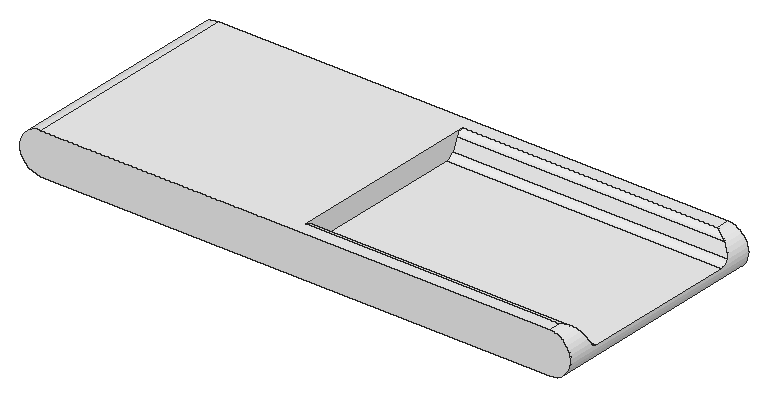
Revit family "LQ6060001_Jabonera Ducha", category Furniture, host Wall, Revit 2019
Family settings
  Host = Wall
  OmniClass Number = 23.31.25.29.11
  OmniClass Title = Hand Soap Holders
  Always vertical = Yes
  Cut with Voids When Loaded = No
  Shared = No
  Room Calculation Point = No
Parameters (values of type "Type 1")
  Uso = "Residencial"  # constant formula
  URL = "https://corona.co/productos/accesorios/kit-de-accesorios/kit-por-6-accesorios-liquid/p/LQ6080001"
  Tecnologías = "DuraCrome"  # constant formula
  Resistencia = "Resistente a la corrosión\r\npelado y decoloración por agua\r\nResistencia al peso general hasta 9 kg\r\nResistencia al peso del toallero barra hasta 23 kg"  # constant formula
  Referencia = "LQ6060001"  # constant formula
  Profundidad = 105 mm  # constant formula
  Número de piezas = "6"  # constant formula
  Material = Corona_Cromado
  Manufacturer = "Corona"  # constant formula
  Línea = "Liquid"  # constant formula
  Garantía Acabados = "5 años en acabados"  # constant formula
  Garantía = "30 años en estructura"  # constant formula
  Fecha de creación = "13/08/2020"  # constant formula
  Description = "La línea de griferías, duchas y accesorios Liquid se inspira en la tensión superficial del agua y en cómo esta crea formas armoniosas adaptándose al ambiente. Al igual que el agua, las superficies de las griferías Liquid juegan con la luz y los reflejos que fluyen alrededor de sus formas. Sus líneas continuas y simplicidad formal proporcionan la ventaja práctica, limpieza sin esfuerzo."  # constant formula
  Creado por = "IDD"  # constant formula
  Componentes = "Percha - Toallero - Jabonera - Barra - Cepillera - Portarrollo"  # constant formula
  Colección = "Liquid"  # constant formula
  Ancho = 260 mm  # constant formula
  Altura = 900 mm
  Alto = 19.5 mm  # constant formula
Reference planes
  plane 1 "Wall": y = 0
  plane 2 "Center (Left/Right)": x = 125
  plane 3 "Back": y = 75
  plane 4: z = 900
  plane 5: x = 255
  plane 6: x = -5
  plane 7: z = 909.75
  plane 8: z = 890.25
  plane 9: y = 180
Text (mm)
  text "Placement Side" at (-1848.837, 1116.779, 0), in view "Ref. Level"
  text "Placement side" at (0, 1409.804, 2854.306), in view "Left"
  text "Placement side" at (0, 499.811, 2980.732), in view "Right"
Dimensions and locks
  locked: plane 3 "Back" to host wall
  equal spacing: plane 8, plane 4, plane 7
  "Alto": plane 8 to plane 7
  equal spacing: plane 6, plane 2 "Center (Left/Right)", plane 5
  "Ancho": plane 6 to plane 5
  "Profundidad": plane 9 to host wall
  plane 4 to plane 8 = 9.75 mm
  "Altura": plane 4 to level
  aligned and locked: plane 1 "Wall" to host wall
  aligned and locked: nested 1 to plane 7
  aligned and locked: nested 3 to plane 7
  aligned and locked: nested 3 to plane 5
  aligned and locked: nested 4 to plane 9
  aligned and locked: nested 4 to plane 5
  aligned and locked: nested 2 to plane 7
  aligned and locked: host wall to nested 2
  aligned and locked: plane 5 to nested 2
Nested families
  nested 1: "Lateral" at (125, 75, 890.25) x (0, -1, 0) z (1, 0, 0), type "Lateral"
  nested 2: "Jabonera" at (-5, 127.5, 890.25), type "Jabonera"
  nested 3: "Frontal" at (255, 0, 890.25) x (-1, 0, 0) z (0, -1, 0), type "Frontal"
  nested 4: "Planta" at (-5, 75, 0), type "Planta"
Definition of nested family "Jabonera"
  Parameters (values of type "Percha")
    Profundidad = 105 mm
    Material = none
    Ancho = 260 mm
    Alto = 19.5 mm
  Reference planes
    plane 1 "Center (Front/Back)": y = 0
    plane 2: z = 0
    plane 3 "Center (Left/Right)": x = 0
    plane 4: x = 260
    plane 5: y = 52.5
    plane 6: y = -52.5
    plane 7: z = 19.5
  Forms (mm)
    Extrusion 1, solid, material <- "Material", detail levels coarse
      sketch origin (0, 0, 0) x (1, 0, 0) y (0, 1, 0)
        loop
          line (0, 52.5) -> (0, -52.5) -> (260, -52.5) -> (260, 52.5) -> (0, 52.5)
      from 0 to 19.5
    Extrusion 2, solid, material <- "Material", detail levels medium+fine
      sketch origin (0, 0, 0) x (1, 0, 0) y (0, 0, 1)
        loop
          arc (9.75, 19.5) -> (0, 9.75) -> (9.75, 0) r 9.75
          line (9.75, 0) -> (250.25, 0)
          arc (250.25, 0) -> (260, 9.75) -> (250.25, 19.5) r 9.75
          line (250.25, 19.5) -> (9.75, 19.5)
      from -52.5 to 52.5
    Extrusion 3, void
      sketch origin (0, 0, 0) x (0, 1, 0) y (0, 0, 1)
        loop
          line (-36.827, 9.75) -> (36.827, 9.75)
          arc (36.827, 9.75) -> (38.976, 10.376) -> (40.452, 12.06) r 4
          line (40.452, 12.06) -> (42.845, 17.19)
          arc (42.845, 17.19) -> (44.321, 18.874) -> (46.47, 19.5) r 4
          line (46.47, 19.5) -> (-46.47, 19.5)
          arc (-46.47, 19.5) -> (-44.321, 18.874) -> (-42.845, 17.19) r 4
          line (-42.845, 17.19) -> (-40.452, 12.06)
          arc (-40.452, 12.06) -> (-38.976, 10.376) -> (-36.827, 9.75) r 4
      from 130 to 260
  Cuts and joins
    Extrusion 3 cuts Extrusion 2
  Dimensions and locks
    equal spacing: plane 5, plane 1 "Center (Front/Back)", plane 6
    "Profundidad": plane 5 to plane 6
    "Ancho": plane 3 "Center (Left/Right)" to plane 4
    "Alto": plane 7 to level
    aligned and locked: level to plane 2
    aligned and locked: Extrusion 1 sketch curve to plane 5
    aligned and locked: plane 4 to Extrusion 1 sketch curve
    aligned and locked: Extrusion 1 sketch curve to plane 6
    aligned and locked: Extrusion 1 to plane 7
    aligned and locked: Extrusion 2 to plane 5
    aligned and locked: Extrusion 3 to plane 4
  Automatic sketch dimensions
    Extrusion 1 sketch curve to plane 3 "Center (Left/Right)" = 0 mm
    Extrusion 2 sketch curve to plane 7 = 0 mm
    plane 3 "Center (Left/Right)" to Extrusion 2 sketch curve = 9.75 mm
    plane 4 to Extrusion 2 sketch curve = 9.75 mm
    Extrusion 2 sketch curve to level = 0 mm
    Extrusion 3 sketch curve to plane 7 = 0 mm
    plane 6 to Extrusion 3 sketch curve = 6.03 mm
    Extrusion 3 sketch curve to plane 7 = 2.31 mm  (x2)
    Extrusion 3 sketch curve to Extrusion 3 sketch curve = 3.625 mm  (x4)
    Extrusion 3 sketch curve to plane 7 = 7.44 mm  (x2)
    Extrusion 3 sketch curve to Extrusion 3 sketch curve = 2.393 mm  (x2)
    Extrusion 3 sketch curve to plane 5 = 15.673 mm
    Extrusion 3 sketch curve to Extrusion 3 sketch curve = 2.31 mm
    Extrusion 3 sketch curve to Extrusion 3 sketch curve = 0 mm
Definition of nested family "Lateral"
  Reference planes
    plane 1 "Center (Front/Back)": y = 0
    plane 2: z = 0
    plane 3 "Center (Left/Right)": x = 0
    plane 4: y = 19.5
    plane 5: x = -105
  Lines and regions (mm)
    detail lines, in view "Ref. Level"
      curve 1: line (0, 0, 0) -> (-98, 0, 0)
      curve 2: line (0, 19.5, 0) -> (0, 0, 0)
      curve 3: line (-98, 19.5, 0) -> (0, 19.5, 0)
      curve 4: line (-105, 7, 0) -> (-105, 12.5, 0)
      curve 5: arc (-98, 0, 0) -> (-102.95, 2.05, 0) -> (-105, 7, 0) r 7
      curve 6: arc (-105, 12.5, 0) -> (-102.95, 17.45, 0) -> (-98, 19.5, 0) r 7
      curve 7: line (-84.897, 11, 0) -> (-20.103, 11, 0)
      curve 8: line (-88.993, 13.132, 0) -> (-93.452, 19.5, 0)
      curve 9: line (-16.007, 13.132, 0) -> (-11.548, 19.5, 0)
      curve 10: arc (-88.993, 13.132, 0) -> (-87.206, 11.565, 0) -> (-84.897, 11, 0) r 5
      curve 11: arc (-20.103, 11, 0) -> (-17.794, 11.565, 0) -> (-16.007, 13.132, 0) r 5
  Dimensions and locks
    aligned and locked: curve 1 to plane 1 "Center (Front/Back)"
    aligned and locked: curve 2 to plane 3 "Center (Left/Right)"
    aligned and locked: curve 3 to plane 4
    aligned and locked: plane 5 to curve 4
Definition of nested family "Frontal"
  Reference planes
    plane 1 "Center (Front/Back)": y = 0
    plane 2: z = 0
    plane 3 "Center (Left/Right)": x = 0
    plane 4: x = 260
    plane 5: y = 19.5
  Lines and regions (mm)
    detail lines, in view "Ref. Level"
      curve 1: line (252, 0, 0) -> (8, 0, 0)
      curve 2: line (260, 11.5, 0) -> (260, 8, 0)
      curve 3: line (8, 19.5, 0) -> (252, 19.5, 0)
      curve 4: line (0, 8, 0) -> (0, 11.5, 0)
      curve 5: arc (0, 11.5, 0) -> (2.343, 17.157, 0) -> (8, 19.5, 0) r 8
      curve 6: arc (252, 19.5, 0) -> (257.657, 17.157, 0) -> (260, 11.5, 0) r 8
      curve 7: arc (8, 0, 0) -> (2.343, 2.343, 0) -> (0, 8, 0) r 8
      curve 8: arc (260, 8, 0) -> (257.657, 2.343, 0) -> (252, 0, 0) r 8
  Dimensions and locks
    aligned and locked: curve 3 to plane 5
    aligned and locked: curve 2 to plane 4
Definition of nested family "Planta"
  Reference planes
    plane 1 "Center (Front/Back)": y = 0
    plane 2: z = 0
    plane 3 "Center (Left/Right)": x = 0
    plane 4: x = 260
    plane 5: y = 105
  Lines and regions (mm)
    detail lines, in view "Ref. Level"
      curve 1: line (0, 105, 0) -> (260, 105, 0)
      curve 2: line (0, 0, 0) -> (0, 105, 0)
      curve 3: line (260, 0, 0) -> (0, 0, 0)
      curve 4: line (260, 105, 0) -> (260, 0, 0)
      curve 5: line (260, 90, 0) -> (130, 90, 0)
      curve 6: line (130, 15, 0) -> (260, 15, 0)
      curve 7: line (130, 90, 0) -> (130, 15, 0)
